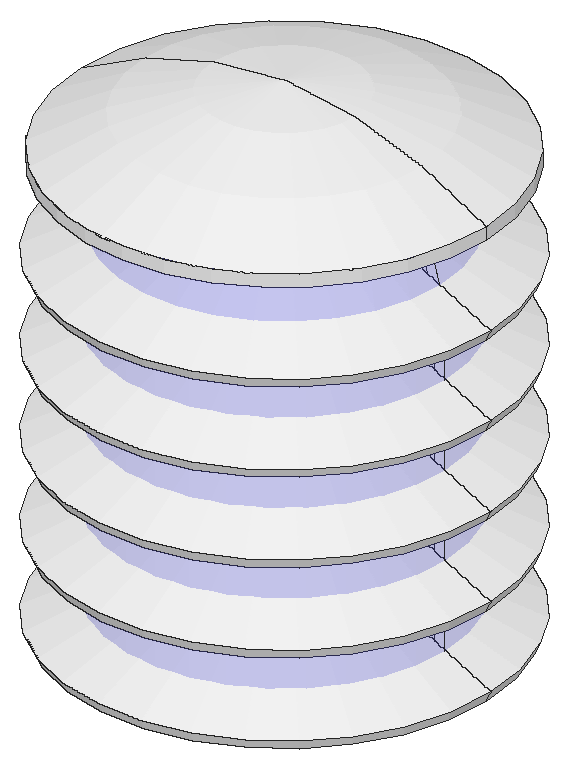
Revit family "CB32", category Lighting Fixtures, Revit 2021
Family settings
  Round Connector Dimension = Use Diameter
  Part Type = Normal
  OmniClass Number = 23.80.70.14
  OmniClass Title = Luminaries for External Lighting
  Work Plane-Based = No
  Always vertical = Yes
  Cut with Voids When Loaded = No
  Light Source = Yes
  Shared = No
  Room Calculation Point = No
Parameters (values of type "CB")
  Wattage Comments = "default"
  Wattage = 12.1178 W
  built-in parameter 1150110 = 1 (stored number, unit not read)
  Voltage = 120 V
  URL = "https://www.currentlighting.com/kimlighting"
  Type Comments = "Lighted Bollard"  # constant formula
  built-in parameter 1114217 = 1 (stored number, unit not read)
  Tilt Angle = 90.00°
  built-in parameter 1150109 = 1 (stored number, unit not read)
  built-in parameter 1150134 = (empty or 0)
  built-in parameter 1150113 = 1 (stored number, unit not read)
  Series = "Traditional Bollards"  # constant formula
  Radius = Diameter / 2  # 2.50"
  Product Page URL = ""
  Product Documentation Link = ""
  Power Factor = 1
  Photometric Web File = "cb-20l4k.ies"
  Photometric Notes = "More IES files download on Photometric Web Link"  # constant formula
  Number of Poles = 1
  Model = "Compact Bollards"  # constant formula
  MasterFormat Title = "Landscape Lighting, Site Lighting, Walkway Lighting"  # constant formula
  Manufacturer = "Kim Lighting"  # constant formula
  Lumens = 1800 lm
  built-in parameter 1150115 = 1 (stored number, unit not read)
  built-in parameter 1150105 = 143.24 (stored number, unit not read)
  Load Classification = Lighting
  built-in parameter 1150137 = (empty or 0)
  built-in parameter 1150139 = (empty or 0)
  built-in parameter 1150112 = 1 (stored number, unit not read)
  built-in parameter 1150114 = 1 (stored number, unit not read)
  Lamp = "LED"  # constant formula
  built-in parameter 1150132 = 2
  built-in parameter 1150102 = (empty or 0)
  built-in parameter 1150138 = (empty or 0)
  built-in parameter 1150107 = 3000 (stored number, unit not read)
  built-in parameter 1150106 = 1.4324 (stored number, unit not read)
  Height = 32.00"
  Glass = Glass-Temper Molded
  Finish = Powder Coat-White
  built-in parameter 1150104 = 13.8 (stored number, unit not read)
  Dimming Lamp Color Temperature Shift = <None>
  Diameter = 5.00"  # constant formula
  Description = "Compact Bollards feature full overlapping louvers which provides total source cutoff above horizontal. A soft glow from the louvers provides sufficient vertical illumination for gardens, pathways and of course, pedestrians.\r\n\r\nGasketed prismatic glass globe optimizes light output\r\nFull cutoff above horizontal\r\nBattery back-up, emergency battery pack and houseside shield options"  # constant formula
  Default Elevation = 0.00"
  Color Filter = 16777215
  built-in parameter 1114218 = 1 (stored number, unit not read)
  built-in parameter 1150133 = 10 (stored number, unit not read)
  Assembly Code = "D5020200"
  Apparent Load = 0 VA
Reference planes (in)
  plane 1 "Light Source Axis (F/B)": y = 0
  plane 2: z = 0
  plane 3 "Light Source Axis (L/R)": x = 0
  plane 4 "Light Source Elevation": z = 29
  plane 5 "Left": x = -2.5
  plane 6 "Right": x = 2.5
  plane 7 "Back": y = 2.5
  plane 8 "Front": y = -2.5
  plane 9 "Top": z = 32
  plane 10: z = 26
  plane 11: z = 31
Forms (in)
  Revolve 1, solid, material "Powder Coat-White" <- "Finish", detail levels medium+fine
    sketch origin (0, 0, 0) x (1, 0, 0) y (0, 0, 1)
      loop
        line (-2.5, 26) -> (-0.48859, 26.93794) -> (-0.54141, 27.05123) -> (-2.55283, 26.11329) -> (-2.5, 26)
      loop
        line (-2.5, 27) -> (-0.48859, 27.93794) -> (-0.54141, 28.05123) -> (-2.55283, 27.11329) -> (-2.5, 27)
      loop
        line (-2.5, 28) -> (-0.48859, 28.93794) -> (-0.54141, 29.05123) -> (-2.55283, 28.11329) -> (-2.5, 28)
      loop
        line (-2.5, 29) -> (-0.48859, 29.93794) -> (-0.54141, 30.05123) -> (-2.55283, 29.11329) -> (-2.5, 29)
      loop
        line (-2.5, 30) -> (-0.48859, 30.93794) -> (-0.54141, 31.05123) -> (-2.55283, 30.11329) -> (-2.5, 30)
      loop
        line (-2.5, 31.25142) -> (-2.5, 31.10079)
        arc (-2.5, 31.10079) -> (-1.28323, 31.59166) -> (0, 31.86512) r 7.57214
        line (0, 31.86512) -> (0, 32)
        arc (0, 32) -> (-1.29614, 31.77981) -> (-2.5, 31.25142) r 5.37273
      axis (0, 26) -> (0, 32)
    angle from 0 to 360
  Revolve 2, solid, material "Glass-Temper Molded" <- "Glass", detail levels medium+fine
    sketch origin (0, 0, 0) x (1, 0, 0) y (0, 0, 1)
      loop
        line (-1.98859, 26) -> (-1.86359, 26) -> (-1.86359, 29.93794)
        arc (-1.86359, 29.93794) -> (-1.31776, 31.25569) -> (0, 31.80152) r 1.86359
        line (0, 31.80152) -> (0, 31.92652)
        arc (0, 31.92652) -> (-1.40614, 31.34408) -> (-1.98859, 29.93794) r 1.98859
        line (-1.98859, 29.93794) -> (-1.98859, 26)
      axis (0, 26) -> (0, 31.92652)
    angle from 0 to 360
  Revolve 3, solid, material "Powder Coat-White" <- "Finish", detail levels coarse
    sketch origin (0, 0, 0) x (1, 0, 0) y (0, 0, 1)
      loop
        line (-2, 26) -> (-2, 0) -> (0, 0) -> (0, 26) -> (-2, 26)
      axis (0, 26) -> (0, 0)
    angle from 0 to 360
  Extrusion 4, solid, material "Powder Coat-White" <- "Finish", detail levels coarse
    sketch origin (0, 0, 0) x (1, 0, 0) y (0, 1, 0)
      loop
        circle (-1.536, 1.65694) r 0.14167
      loop
        circle (1.63636, 1.59444) r 0.14167
      loop
        circle (-1.536, -1.64571) r 0.14167
      loop
        circle (1.63636, -1.58321) r 0.14167
    from 26 to 31.10079
Lines and regions (in)
  Masking region 1
    outline origin (0, 0, 0) x (1, 0, 0) y (0, 1, 0)
      loop
        circle (0, 0) r 2.5
  symbolic lines, style "LightingFixturesHiddenLines", detail levels fine
    curve 1: circle (-0.26777, 0.26777, 0) r 0.1875 normal (0, 0, 1)
    curve 2: circle (0.26777, 0.26777, 0) r 0.1875 normal (0, 0, -1)
    curve 3: circle (-0.26777, -0.26777, 0) r 0.1875 normal (0, 0, -1)
    curve 4: circle (0.26777, -0.26777, 0) r 0.1875 normal (0, 0, 1)
  symbolic lines, style "LightingFixturesHiddenLines", detail levels medium+fine
    curve 5: circle (0, 0, 0) r 1.875 normal (0, 0, 1)
Dimensions and locks (in)
  equal spacing: plane 7 "Back", plane 1 "Light Source Axis (F/B)", plane 8 "Front"
  "Diameter": plane 7 "Back" to plane 8 "Front"
  equal spacing: plane 5 "Left", plane 3 "Light Source Axis (L/R)", plane 6 "Right"
  "Diameter": plane 5 "Left" to plane 6 "Right"
  "Height": plane 9 "Top" to level
  imposter light to Revolve 2 sketch curve to Revolve 2 sketch curve = 1.86359" locked, 0.125" locked
  Revolve 2 sketch curve to Revolve 2 sketch curve to Revolve 2 sketch curve to Revolve 2 sketch curve to plane 10 = 0.125" locked, 1.86359" locked, 0.00" locked, 3.93794"
  locked: curve 3 to plane 8 "Front" at 2.23223
  locked: plane 7 "Back" to curve 1 at 2.23223
  locked: plane 7 "Back" to curve 2 at 2.23223
  locked: curve 4 to plane 8 "Front" at 2.23223
  locked: plane 5 "Left" to curve 1 at 2.23223
  locked: plane 5 "Left" to curve 3 at 2.23223
  locked: curve 2 to plane 6 "Right" at 2.23223
  locked: curve 4 to plane 6 "Right" at 2.23223
  locked: curve 5 to plane 1 "Light Source Axis (F/B)" at 0
  locked: curve 5 to plane 3 "Light Source Axis (L/R)" at 0
  plane 9 "Top" to plane 11 to plane 4 "Light Source Elevation" to plane 10 = 1.00", 2.00" locked, 3.00" locked
  Revolve 1 sketch curve to Revolve 1 sketch curve to Revolve 1 sketch curve to Revolve 1 sketch curve to Revolve 1 sketch curve to Revolve 1 sketch curve to Revolve 1 sketch curve to Revolve 1 sketch curve to Revolve 1 sketch curve to Revolve 1 sketch curve to Revolve 1 sketch curve to Revolve 1 sketch curve to Revolve 1 sketch curve to Revolve 1 sketch curve to Revolve 1 sketch curve to Revolve 1 sketch curve to Revolve 1 sketch curve to Revolve 1 sketch curve to Revolve 1 sketch curve to plane 10 to Revolve 1 sketch curve = 0.11329" locked, 0.82465" locked, 0.06206" locked, 0.05123" locked, 0.06206" locked, 0.82465" locked, 0.06206" locked, 0.05123" locked, 0.06206" locked, 0.82465" locked, 0.06206" locked, 0.05123" locked, 0.06206" locked, 0.82465" locked, 0.06206" locked, 0.05123" locked, 0.06206" locked, 0.82465" locked, 0.11329" locked, 0.00" locked
  Revolve 1 sketch curve to plane 5 "Left" to Revolve 1 sketch curve to Revolve 1 sketch curve to Revolve 1 sketch curve = 0.05283" locked, 0.00" locked, 1.95859" locked, 0.05283" locked  (x5)
  locked: plane 1 "Light Source Axis (F/B)" to Masking region 1 sketch curve at 0
  locked: plane 3 "Light Source Axis (L/R)" to Masking region 1 sketch curve at 0
  plane 5 "Left" to plane 6 "Right" = 5.00"
  "Height": plane 9 "Top" to plane 2
  plane 10 to plane 2 = 26.00"
  "Radius": radius of Masking region 1 sketch curve
  aligned and locked: plane 3 "Light Source Axis (L/R)" to imposter light
  aligned and locked: plane 1 "Light Source Axis (F/B)" to imposter light
  aligned and locked: plane 4 "Light Source Elevation" to imposter light
  aligned and locked: plane 3 "Light Source Axis (L/R)" to Revolve 1 sketch curve
  aligned and locked: Revolve 2 sketch curve to plane 3 "Light Source Axis (L/R)"
  aligned and locked: Revolve 2 sketch curve to plane 10
  aligned and locked: plane 3 "Light Source Axis (L/R)" to Revolve 2 sketch curve
  aligned and locked: Revolve 3 sketch curve to plane 3 "Light Source Axis (L/R)"  (x2)
  aligned and locked: Revolve 3 sketch curve to plane 10
  aligned and locked: level to Revolve 3 sketch curve
  aligned and locked: Revolve 1 to Extrusion 4
Automatic sketch dimensions
  Revolve 2 sketch curve to plane 10 = 1.25"
  Revolve 2 sketch curve to Revolve 2 sketch curve = 2.07348"
  Revolve 3 sketch curve to level = 7.50"
  Revolve 3 sketch curve to plane 5 "Left" = 0.50"
  plane 9 "Top" to Revolve 3 sketch curve = 5.50"
  Extrusion 4 sketch curve to plane 5 "Left" = 0.964"  (x2)
  plane 6 "Right" to Extrusion 4 sketch curve = 0.86364"  (x2)
  plane 8 "Front" to Extrusion 4 sketch curve = 0.85429"
  plane 8 "Front" to Extrusion 4 sketch curve = 0.91679"
  Extrusion 4 sketch curve to plane 7 "Back" = 0.90556"
  Extrusion 4 sketch curve to plane 7 "Back" = 0.84306"
  plane 5 "Left" to Revolve 1 sketch curve = 0.00"
  Revolve 1 sketch curve to plane 3 "Light Source Axis (L/R)" = 0.00"
  Revolve 1 sketch curve to plane 9 "Top" = 0.00"
  plane 3 "Light Source Axis (L/R)" to Revolve 1 sketch curve = 0.24501"
  plane 3 "Light Source Axis (L/R)" to Revolve 1 sketch curve = 0.93065"
  Revolve 1 sketch curve to plane 10 = 1.64962"
  plane 10 to Revolve 1 sketch curve = 0.63286"
  Revolve 1 sketch curve to Revolve 1 sketch curve = 0.13488"
  Revolve 1 sketch curve to Revolve 1 sketch curve = 0.27791"
  plane 9 "Top" to Revolve 1 sketch curve = 0.12829"
  radius of curve 1 = 0.1875"
  radius of curve 2 = 0.1875"
  radius of curve 3 = 0.1875"
  radius of curve 4 = 0.1875"
  radius of curve 5 = 1.875"
  radius of Extrusion 4 sketch curve = 0.14167"  (x4)
Nested families (in)
  nested 1: "Notation" at (0, 4.62623, 0), type "Notation"
Connectors (in)
  electrical at (0, 0, 0), driven by "Load Classification"
    settings: on Revolve 3, index 1, voltage 120 V, apparent load 25 VA, apparent load phase1 0 VA, apparent load phase2 0 VA, apparent load phase3 0 VA, power factor 1, load classification "Lighting", number of poles 1, system type 30, power factor state 1, is connector primary yes, connector utility no, sub classification motor no, connector description "Lighting connector"
Definition of nested family "Notation"
  Parameters
    Notation = "LF"
  Reference planes (in)
    plane 1: y = 0
    plane 2: x = 0
  Text (in)
    label "Notation" at (0.02149, 0.07192, 0), shows "Notation"
